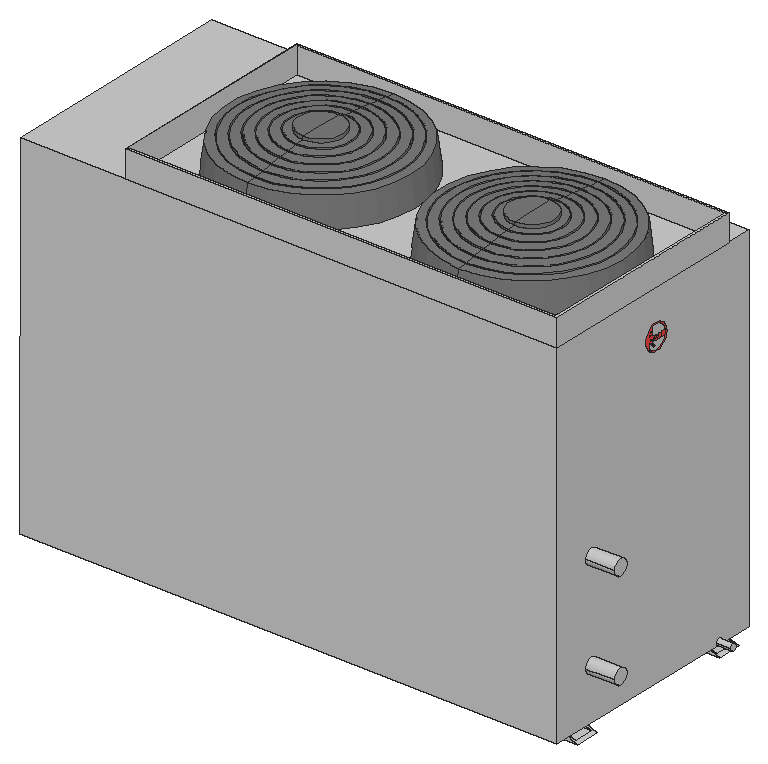
Revit family "Heat Pump-Rheem-A2W-35kW-Vertical A", category Mechanical Equipment, Revit 2016
Family settings
  Part Type = Normal
  Round Connector Dimension = Use Radius
  OmniClass Number = 23.75.10.21
  OmniClass Title = Heat Pumps
  Work Plane-Based = No
  Always vertical = Yes
  Cut with Voids When Loaded = No
  Shared = No
  Room Calculation Point = No
Parameters (values of type "95203500")
  calcFanGuardDepth = 136 mm  # constant formula
  Width_ANZRS = 807 mm  # constant formula
  Wattage_ANZRS = 35 kW  # constant formula
  Voltage_ANZRS = 230 V
  URL = "https://www.rheem.com.au/products/commercial/commercial-heat-pumps"
  Type Comments = ""
  SupportInsetSide = 66 mm  # constant formula
  Show Fan Frame = yes
  ProductCode_ANZRS = "95203500"
  PowerFactor_ANZRS = 1
  PipeInsetSide = 145 mm  # constant formula
  OutletPipeDiameter = 50 mm  # constant formula
  calcOutletPipeRad = if(1 = 1, OutletPipeDiameter / 2, 0 mm)  # 25 mm
  Model = "Rheem Commercial Air to Water Heat Pump – 35kW Vertical Discharge & Ducted"
  Material_ANZRS = Rheem-Steel-Grey
  Manufacturer = "Rheem"  # constant formula
  Length_ANZRS = 1805 mm  # constant formula
  InletPipeDiameter = 50 mm  # constant formula
  calcInletPipeRadius = if(1 = 1, InletPipeDiameter / 2, 0 mm)  # 25 mm
  Height_ANZRS = 1378 mm  # constant formula
  Description = "Rheem's Commercial Air to Water (A2W) Heat Pump is designed with the commercial user in mind. A truly commercial grade heat pump that delivers hot water at 65°C with a system Coefficient of Performance (COP) up to 4.0. Ducted models are designed to be connected to ducting to convey cold discharge air away from the heat pump air inlet if a sufficient supply of heat energy is not available in the installation area."
  CreatedBy_ANZRS = "Design Content"  # constant formula
  CreatedByURL_ANZRS = "https://www.designcontent.com.au/"
  BodyWidth = 807 mm  # constant formula
  Assembly Code = ""
  ApparentLoad_ANZRS = Wattage_ANZRS  # 35 kW
Types (2, lengths in mm): name | Show Fan Frame | ProductCode_ANZRS | Model | Description
  95203500 | yes | "95203500" | "Rheem Commercial Air to Water Heat Pump – 35kW Vertical Discharge & Ducted" | "Rheem's Commercial Air to Water (A2W) Heat Pump is designed with the commercial user in mind. A truly commercial grade heat pump that delivers hot water at 65°C with a system Coefficient of Performance (COP) up to 4.0. Ducted models are designed to be connected to ducting to convey cold discharge air away from the heat pump air inlet if a sufficient supply of heat energy is not available in the installation area."
  95303500 | no | "95303500" | "Rheem Commercial Air to Water Heat Pump – 35kW Vertical Discharge & Non Ducted" | "Rheem's Commercial Air to Water (A2W) Heat Pump is designed with the commercial user in mind. A truly commercial grade heat pump that delivers hot water at 65°C with a system Coefficient of Performance (COP) up to 4.0. Non ducted models are generally designed for outdoor installations. Non ducted models may be installed indoors, without ducting, if a sufficient supply of heat energy is available."
Reference planes
  plane 1 "Center (Front/Back)": y = 0
  plane 2: z = 0
  plane 3 "Center (Left/Right)": x = 0
  plane 4 "Back": y = 403.5
  plane 5 "Front": y = -403.5
  plane 6 "Left": x = -902.5
  plane 7 "Right": x = 902.5
  plane 8: z = 47
  plane 9 "HEIGHT": z = 1242
  plane 10 "Inlet": z = 222.5
  plane 11 "Outlet": z = 551.5
  plane 12: y = 401.5
  plane 13: x = 846.5
  plane 14: x = -787.5
  plane 15: x = 1002.5
  plane 16 "Pipe Connectors": y = -258.5
  plane 17: y = -337.5
  plane 18: y = 337.5
  plane 19 "CompAccess1": y = 227.5
  plane 20 "CompAccess2": y = -330.5
  plane 21: z = 23.5
  plane 22: x = 952.5
  plane 23: z = 1333
  plane 24: x = 922.5
Forms (mm)
  Extrusion 1, solid, material "Rheem-Steel-Grey" <- "Material_ANZRS", detail levels medium+fine
    sketch origin (0, 0, 0) x (1, 0, 0) y (0, 1, 0)
      loop
        line (-902.5, 401.5) -> (-902.5, -403.5) -> (902.5, -403.5) -> (902.5, 401.5) -> (-902.5, 401.5)
    from 47 to 1242
  Extrusion 2, solid, material "Rheem-Steel-Grey" <- "Material_ANZRS", detail levels medium+fine
    sketch origin (0, 0, 0) x (1, 0, 0) y (0, 0, 1)
      loop
        line (-902.5, 1242) -> (-902.5, 47) -> (-14.281, 47) -> (902.5, 47) -> (902.5, 1242) -> (-902.5, 1242)
      loop
        line (-787.5, 67) -> (19.5, 67) -> (19.5, 611) -> (-787.5, 611) -> (-787.5, 67)
      loop
        line (-787.5, 1222) -> (-787.5, 631) -> (19.5, 631) -> (19.5, 1222) -> (-787.5, 1222)
      loop
        line (846.5, 1222) -> (39.5, 1222) -> (39.5, 631) -> (846.5, 631) -> (846.5, 1222)
      loop
        line (39.5, 67) -> (846.5, 67) -> (846.5, 611) -> (39.5, 611) -> (39.5, 67)
    from -403.5 to -401.5
  Extrusion 3, solid, material "Rheem-Steel-Grey" <- "Material_ANZRS"
    sketch origin (0, 111.908, 381.979) x (0, -1, 0) y (0, 0, 1)
      loop
        circle (370.408, -159.479) r 25
      loop
        circle (370.408, 169.521) r 25
    from -902.5 to -1002.5
  Extrusion 4, solid, material "Rheem-Steel-Grey" <- "Material_ANZRS", visible <- "Show Fan Frame"
    sketch origin (0, -1983.5, 1375) x (-1, 0, 0) y (0, -1, 0)
      loop
        line (548.5, -2303) -> (548.5, -1580) -> (-902.5, -1580) -> (-902.5, -2303) -> (548.5, -2303)
      loop
        line (545.5, -2298) -> (545.5, -1585) -> (-897.5, -1585) -> (-897.5, -2298) -> (545.5, -2298)
    from -133 to -42
  Extrusion 5, solid, material "Rheem-Steel-Grey" <- "Material_ANZRS", detail levels medium+fine
    sketch origin (0, 0, 0) x (1, 0, 0) y (0, 0, 1)
      loop
        line (-902.5, 5) -> (-927.5, 5) -> (-927.5, 0) -> (-897.5, 0) -> (-897.5, 18.5) -> (-827.5, 18.5) -> (-827.5, 0) -> (-797.5, 0) -> (-797.5, 5) -> (-822.5, 5) -> (-822.5, 23.5) -> (-902.5, 23.5) -> (-902.5, 5)
    from -337.5 to 337.5
  Extrusion 6, solid, material "Rheem-Steel-Grey-Perforated", detail levels medium+fine
    sketch origin (-575, 357.5, 0) x (1, 0, 0) y (0, 0, -1)
      loop
        line (1421.5, -1222) -> (1421.5, -631) -> (614.5, -631) -> (614.5, -1222) -> (1421.5, -1222)
      loop
        line (1421.5, -67) -> (614.5, -67) -> (614.5, -611) -> (1421.5, -611) -> (1421.5, -67)
      loop
        line (-212.5, -611) -> (594.5, -611) -> (594.5, -67) -> (-212.5, -67) -> (-212.5, -611)
      loop
        line (594.5, -1222) -> (594.5, -631) -> (-212.5, -631) -> (-212.5, -1222) -> (594.5, -1222)
    from 44 to 46
  Extrusion 7, solid, material "Rheem-Steel-Grey" <- "Material_ANZRS"
    sketch origin (902.5, 0, 0) x (0, -1, 0) y (0, 0, -1)
      loop
        circle (-277.5, -57) r 10
    from 0 to 50
  Extrusion 8, solid, detail levels medium+fine
    sketch origin (-902.5, 0, 425) x (0, -1, 0) y (0, 0, 1)
      loop
        circle (367, 725) r 15
      loop
        circle (367.008, 675) r 15
      loop
        circle (367.008, 625) r 15
      loop
        circle (367.008, 575) r 15
    from 0 to 5
  Extrusion 9, solid, material "Rheem-Steel-Grey" <- "Material_ANZRS", detail levels coarse
    sketch origin (0, 0, 1242) x (-1, 0, 0) y (0, -1, 0)
      loop
        line (902.5, -403.5) -> (902.5, 403.5) -> (-902.5, 403.5) -> (-902.5, -403.5) -> (902.5, -403.5)
    from -1242 to 0
  Extrusion 10, solid, material "Rheem-Steel-Grey" <- "Material_ANZRS", detail levels medium+fine
    sketch origin (0, 0, 0) x (0, 1, 0) y (0, 0, 1)
      loop
        line (362.5, 47) -> (332.5, 47) -> (332.5, 28.5) -> (262.481, 28.5) -> (262.481, 47) -> (232.395, 47) -> (232.395, 42) -> (257.395, 42) -> (257.395, 23.5) -> (337.5, 23.5) -> (337.5, 42) -> (362.5, 42) -> (362.5, 47)
      loop
        line (-232.395, 47) -> (-262.395, 47) -> (-262.395, 28.5) -> (-332.414, 28.5) -> (-332.414, 47) -> (-362.5, 47) -> (-362.5, 42) -> (-337.5, 42) -> (-337.5, 23.5) -> (-257.395, 23.5) -> (-257.395, 42) -> (-232.395, 42) -> (-232.395, 47)
    from -902.5 to 922.5
  Extrusion 11, void
    sketch origin (0, 0, 0) x (-1, 0, 0) y (0, 0, -1)
      loop
        line (-922.5, -23.5) -> (-922.5, -47) -> (-859.96, -47) -> (-922.5, -23.5)
    from -362.5 to 362.5
Cuts and joins
  Extrusion 11 cuts Extrusion 1
  Extrusion 11 cuts Extrusion 2
  joined: Extrusion 1, Extrusion 2
  Extrusion 11 cuts Extrusion 9
  Extrusion 11 cuts Extrusion 10
Lines and regions (mm)
  Split face 1
    outline origin (-902.5, 401.5, 1242) x (0, 1, 0) y (0, 0, -1)
      loop
        line (-174, 1) -> (-174, 1194) -> (-732, 1194) -> (-732, 1) -> (-174, 1)
  Split face 2
    outline origin (902.5, 401.5, 47) x (0, 1, 0) y (0, 0, 1)
      loop
        line (-601, 1194) -> (-601, 1) -> (-173, 1) -> (-173, 1194) -> (-601, 1194)
  model lines, style "Heat Pumps", detail levels medium+fine
    curve 1: line (-722.5, -403.5, 1105.005) -> (722.5, -403.5, 1105.005)
    curve 2: line (-802.5, -403.5, 825.005) -> (-802.5, -403.5, 1025.005)
    curve 3: line (722.5, -403.5, 745.005) -> (-722.5, -403.5, 745.005)
    curve 4: line (802.5, -403.5, 1025.005) -> (802.5, -403.5, 825.005)
    curve 5: arc (-722.5, -403.5, 1105.005) -> (-779.069, -403.5, 1081.573) -> (-802.5, -403.5, 1025.005) r 80
    curve 6: arc (-802.5, -403.5, 825.005) -> (-779.069, -403.5, 768.436) -> (-722.5, -403.5, 745.005) r 80
    curve 7: arc (722.5, -403.5, 745.005) -> (779.069, -403.5, 768.436) -> (802.5, -403.5, 825.005) r 80
    curve 8: arc (802.5, -403.5, 1025.005) -> (779.069, -403.5, 1081.573) -> (722.5, -403.5, 1105.005) r 80
    curve 9: line (-722.5, -403.5, 183.995) -> (722.5, -403.5, 183.995)
    curve 10: line (-802.5, -403.5, 463.995) -> (-802.5, -403.5, 263.995)
    curve 11: line (722.5, -403.5, 543.995) -> (-722.5, -403.5, 543.995)
    curve 12: line (802.5, -403.5, 263.995) -> (802.5, -403.5, 463.995)
    curve 13: arc (-722.5, -403.5, 183.995) -> (-779.069, -403.5, 207.427) -> (-802.5, -403.5, 263.995) r 80
    curve 14: arc (-802.5, -403.5, 463.995) -> (-779.069, -403.5, 520.564) -> (-722.5, -403.5, 543.995) r 80
    curve 15: arc (722.5, -403.5, 543.995) -> (779.069, -403.5, 520.564) -> (802.5, -403.5, 463.995) r 80
    curve 16: arc (802.5, -403.5, 263.995) -> (779.069, -403.5, 207.427) -> (722.5, -403.5, 183.995) r 80
Dimensions and locks
  equal spacing: plane 6 "Left", plane 3 "Center (Left/Right)", plane 7 "Right"
  equal spacing: plane 4 "Back", plane 1 "Center (Front/Back)", plane 5 "Front"
  "BodyWidth": plane 4 "Back" to plane 5 "Front"
  "Length_ANZRS": plane 6 "Left" to plane 7 "Right"
  locked: plane 10 "Inlet" to plane 21 at 199
  locked: plane 11 "Outlet" to plane 10 "Inlet" at 329
  locked: plane 4 "Back" to plane 12 at 2
  locked: plane 8 to Extrusion 2 sketch curve at 20
  locked: Extrusion 2 sketch curve to plane 9 "HEIGHT" at 20
  locked: plane 15 to plane 7 "Right" at 100
  locked: Extrusion 4 sketch curve to Extrusion 4 sketch curve at 5  (x2)
  locked: plane 7 "Right" to Extrusion 4 sketch curve at 5
  "PipeInsetSide": plane 5 "Front" to plane 16 "Pipe Connectors"
  Extrusion 5 sketch curve to plane 6 "Left" to Extrusion 5 sketch curve to Extrusion 5 sketch curve to Extrusion 5 sketch curve to Extrusion 5 sketch curve = 25 mm locked, 5 mm locked, 70 mm locked, 5 mm locked, 25 mm locked
  Extrusion 5 sketch curve to Extrusion 5 sketch curve to plane 2 = 0 mm locked, 5 mm locked
  "SupportInsetSide": plane 5 "Front" to plane 17
  "SupportInsetSide": plane 18 to plane 4 "Back"
  locked: plane 9 "HEIGHT" to Split face 1 sketch curve at 1
  locked: Split face 1 sketch curve to plane 8 at 1
  locked: plane 13 to plane 7 "Right" at 56
  locked: plane 6 "Left" to plane 14 at 115
  locked: plane 9 "HEIGHT" to plane 8 at 1195
  equal spacing: plane 8, plane 21, plane 2
  locked: plane 21 to Extrusion 5 sketch curve at 5
  locked: plane 5 "Front" to Split face 2 sketch curve at 204
  Split face 2 sketch curve to plane 4 "Back" = 175 mm
  locked: plane 9 "HEIGHT" to Split face 2 sketch curve at 1
  locked: Split face 2 sketch curve to plane 8 at 1
  locked: Extrusion 7 sketch curve to plane 8 at 10
  equal spacing: plane 15, plane 22, plane 7 "Right"
  equal spacing: plane 20 "CompAccess2", Extrusion 8 sketch curve, plane 5 "Front"
  locked: plane 9 "HEIGHT" to nested 1 at 150
  locked: plane 8 to Extrusion 10 sketch curve at 5  (x2)
  locked: Extrusion 10 sketch curve to plane 21 at 5  (x2)
  Extrusion 10 sketch curve to plane 18 to Extrusion 10 sketch curve to Extrusion 10 sketch curve to Extrusion 10 sketch curve to Extrusion 10 sketch curve = 25 mm locked, 5 mm locked, 70.019 mm locked, 5.086 mm locked, 25 mm locked
  locked: plane 6 "Left" to plane 24 at 1825
  locked: plane 4 "Back" to Extrusion 7 sketch curve at 126
  locked: plane 20 "CompAccess2" to plane 5 "Front" at 73
  locked: plane 19 "CompAccess1" to plane 20 "CompAccess2" at 558
  equal spacing: plane 19 "CompAccess1", nested 1, plane 20 "CompAccess2"
  Extrusion 10 sketch curve to Extrusion 10 sketch curve to Extrusion 10 sketch curve to Extrusion 10 sketch curve to Extrusion 10 sketch curve to Extrusion 10 sketch curve = 25 mm locked, 5 mm locked, 70.019 mm locked, 5.086 mm locked, 25 mm locked
  locked: Extrusion 4 sketch curve to Extrusion 4 sketch curve at 723
  plane 9 "HEIGHT" to nested 2 = 150 mm
  equal spacing: Split face 2, nested 2, Split face 2
  locked: plane 8 to plane 2 at 47
  locked: plane 23 to plane 9 "HEIGHT" at 91
  locked: Extrusion 4 sketch curve to plane 7 "Right" at 1451
  plane 7 "Right" to nested 4 to nested 3 = 358 mm locked, 720 mm locked
  "calcOutletPipeRad": radius of Extrusion 3 sketch curve
  "calcInletPipeRadius": radius of Extrusion 3 sketch curve
  radius of Extrusion 7 sketch curve = 10 mm
  aligned and locked: level to plane 2
  aligned and locked: Extrusion 1 sketch curve to plane 6 "Left"
  aligned and locked: Extrusion 1 sketch curve to plane 7 "Right"
  aligned and locked: plane 9 "HEIGHT" to Extrusion 1
  aligned and locked: Extrusion 1 to plane 8
  aligned and locked: plane 5 "Front" to Extrusion 1
  aligned and locked: Extrusion 1 sketch curve to plane 12
  aligned and locked: cut or joined group of Extrusion 1, Extrusion 2, Extrusion 11 to plane 12
  aligned and locked: plane 4 "Back" to cut or joined group of Extrusion 1, Extrusion 2, Extrusion 11
  aligned and locked: Extrusion 2 sketch curve to plane 13
  aligned and locked: plane 14 to Extrusion 2 sketch curve
  aligned and locked: plane 7 "Right" to Extrusion 4 sketch curve
  aligned and locked: Extrusion 3 to plane 7 "Right"
  aligned and locked: Extrusion 5 sketch curve to plane 6 "Left"
  aligned and locked: plane 2 to Extrusion 5 sketch curve  (x2)
  aligned and locked: Extrusion 5 to plane 17
  aligned and locked: plane 18 to Extrusion 5
  aligned and locked: Split face 1 sketch curve to plane 20 "CompAccess2"
  aligned and locked: Split face 1 sketch curve to plane 19 "CompAccess1"
  aligned and locked: plane 11 "Outlet" to Extrusion 3 sketch curve
  aligned and locked: plane 16 "Pipe Connectors" to Extrusion 3 sketch curve  (x2)
  aligned and locked: plane 10 "Inlet" to Extrusion 3 sketch curve
  aligned and locked: Extrusion 6 to plane 13
  aligned and locked: plane 14 to Extrusion 6
  aligned and locked: Extrusion 6 to plane 12
  aligned and locked: plane 4 "Back" to Extrusion 6
  aligned and locked: cut or joined group of Extrusion 1, Extrusion 2, Extrusion 11 to Extrusion 6
  aligned and locked: Extrusion 5 sketch curve to plane 21
  aligned and locked: Extrusion 7 to cut or joined group of Extrusion 1, Extrusion 2, Extrusion 11
  aligned and locked: plane 22 to Extrusion 7
  aligned and locked: Extrusion 8 to cut or joined group of Extrusion 1, Extrusion 2, Extrusion 11
  aligned and locked: Extrusion 9 sketch curve to plane 4 "Back"
  aligned and locked: Extrusion 9 sketch curve to plane 5 "Front"
  aligned and locked: Extrusion 9 sketch curve to plane 7 "Right"
  aligned and locked: Extrusion 9 sketch curve to plane 6 "Left"
  aligned and locked: Extrusion 9 to plane 2
  aligned and locked: Extrusion 10 sketch curve to plane 21  (x2)
  aligned and locked: plane 6 "Left" to Extrusion 10
  aligned and locked: Extrusion 2 sketch curve to Extrusion 6  (x2)
  aligned and locked: plane 15 to Extrusion 3
  aligned and locked: Extrusion 11 sketch curve to plane 24
  aligned and locked: Extrusion 4 to plane 9 "HEIGHT"
  aligned and locked: plane 23 to Extrusion 4
  aligned and locked: plane 9 "HEIGHT" to cut or joined group of Extrusion 9, Extrusion 11
Automatic sketch dimensions
  plane 5 "Front" to Extrusion 1 sketch curve = 0 mm
  plane 6 "Left" to Extrusion 2 sketch curve = 0 mm
  plane 14 to Extrusion 2 sketch curve = 0 mm
  Extrusion 2 sketch curve to plane 8 = 0 mm
  plane 13 to Extrusion 2 sketch curve = 0 mm
  Extrusion 2 sketch curve to plane 7 "Right" = 0 mm
  Extrusion 2 sketch curve to plane 9 "HEIGHT" = 0 mm
  Extrusion 2 sketch curve to plane 3 "Center (Left/Right)" = 14.281 mm
  plane 3 "Center (Left/Right)" to Extrusion 2 sketch curve = 19.5 mm
  Extrusion 2 sketch curve to Extrusion 2 sketch curve = 20 mm  (x2)
  plane 8 to Extrusion 2 sketch curve = 20 mm
  plane 11 "Outlet" to Extrusion 2 sketch curve = 59.5 mm  (x2)
  Extrusion 2 sketch curve to Extrusion 2 sketch curve = 0 mm
  Extrusion 2 sketch curve to plane 9 "HEIGHT" = 20 mm
  plane 5 "Front" to Extrusion 4 sketch curve = 0 mm
  Extrusion 4 sketch curve to Extrusion 4 sketch curve = 3 mm
  plane 14 to Extrusion 6 sketch curve = 0 mm  (x2)
  plane 13 to Extrusion 6 sketch curve = 0 mm  (x2)
  plane 3 "Center (Left/Right)" to Extrusion 6 sketch curve = 19.5 mm  (x2)
  Extrusion 6 sketch curve to Extrusion 6 sketch curve = 20 mm  (x3)
  Extrusion 6 sketch curve to plane 9 "HEIGHT" = 20 mm  (x2)
  plane 11 "Outlet" to Extrusion 6 sketch curve = 79.5 mm  (x2)
  Extrusion 6 sketch curve to Extrusion 6 sketch curve = 0 mm  (x2)
  plane 8 to Extrusion 6 sketch curve = 20 mm
  Extrusion 8 sketch curve to plane 17 = 29.508 mm  (x3)
  Extrusion 8 sketch curve to plane 9 "HEIGHT" = 242 mm
  Extrusion 8 sketch curve to Extrusion 8 sketch curve = 50 mm  (x3)
  Extrusion 10 sketch curve to plane 8 = 0 mm  (x4)
  Extrusion 10 sketch curve to plane 17 = 0 mm
  Extrusion 10 sketch curve to plane 18 = 0 mm
  Extrusion 10 sketch curve to plane 8 = 5 mm  (x2)
  Extrusion 11 sketch curve to plane 8 = 0 mm
  Extrusion 11 sketch curve to plane 21 = 0 mm
  Extrusion 11 sketch curve to plane 13 = 13.46 mm
  curve 12 to Extrusion 1 = 100 mm
  curve 4 to Extrusion 1 = 100 mm
  curve 12 to curve 11 = 80 mm
  curve 4 to curve 3 = 80 mm
  curve 12 to curve 16 = 80 mm
  curve 4 to curve 1 = 80 mm
  Extrusion 1 to curve 9 = 180 mm
  Extrusion 1 to curve 6 = 180 mm
  Extrusion 1 to curve 5 = 180 mm
  Extrusion 1 to curve 11 = 180 mm
  curve 13 to curve 10 = 80 mm
  curve 5 to curve 2 = 80 mm
  Extrusion 1 to curve 1 = 136.995 mm
  curve 5 to curve 6 = 200 mm
  curve 6 to curve 11 = 201.009 mm
  Extrusion 1 to curve 13 = 216.995 mm
  radius of Extrusion 8 sketch curve = 15 mm  (x4)
Nested families
  nested 1: "X_Rheem Logo" at (-902.5, -51.5, 1092) x (0, -1, 0) z (-1, 0, 0), type "Standard", detail levels fine
  nested 2: "X_Rheem Logo" at (902.5, 14.5, 1092) x (0, 1, 0) z (1, 0, 0), type "Standard", detail levels fine
  nested 3: "X_Rheem_FanGuard" at (-175.5, -47.605, 1242), type "Standard"
    with FanGuardRad 320 mm, FanGuardHead 10 mm, FanGuardDepth 136 mm
  nested 4: "X_Rheem_FanGuard" at (544.5, -58.5, 1242), type "Standard"
    with FanGuardRad 320 mm, FanGuardHead 10 mm, FanGuardDepth 136 mm
Connectors
  piping at (1002.5, -258.5, 222.5), diameter 50, driven by "calcInletPipeRadius"
    settings: on Extrusion 3, index 9, connector inside diameter 20 mm, connector length 0 mm, flow factor 0, pipe flow 0.0 L/s, pressure drop 0.0 Pa, fitting loss kfactor 0, connector angle 0.00°, fixture units 0, engagement length 0 mm, angle of deflection 0.00°, flow configuration 1, flow direction 1, fitting loss method 0, system type 20, joint type 0, gender type 0, connector reference index -1, connector utility 0, adjustable connector no, is connector primary yes, connector description "Water In"
  piping at (1002.5, -258.5, 222.5), diameter 50, driven by "calcOutletPipeRad"
    settings: on Extrusion 3, index 10, connector inside diameter 20 mm, connector length 0 mm, flow factor 0, pipe flow 0.0 L/s, pressure drop 0.0 Pa, fitting loss kfactor 0, connector angle 0.00°, fixture units 0, engagement length 0 mm, angle of deflection 0.00°, flow configuration 1, flow direction 1, fitting loss method 0, system type 20, joint type 0, gender type 0, connector reference index -1, connector utility 0, adjustable connector no, is connector primary no, connector description "Water In"
  piping at (952.5, 277.5, 57), diameter 20
    settings: on Extrusion 7, index 11, connector inside diameter 609.6 mm, connector length 0 mm, flow factor 0, pipe flow 0.0 L/s, pressure drop 0.0 Pa, fitting loss kfactor 0, connector angle 0.00°, fixture units 0, engagement length 0 mm, angle of deflection 0.00°, flow configuration 1, flow direction 2, fitting loss method 0, system type 16, joint type 0, gender type 0, connector reference index -1, connector utility 0, adjustable connector no, is connector primary no, connector description ""
  electrical at (-902.5, -367, 1150), driven by "Voltage_ANZRS", driven by "ApparentLoad_ANZRS", driven by "PowerFactor_ANZRS"
    settings: on Extrusion 8, index 12, voltage 230 V, apparent load 35 kW, apparent load phase1 0 kW, apparent load phase2 0 kW, apparent load phase3 0 kW, power factor 1, load classification "Power", number of poles 1, system type 30, power factor state 1, is connector primary yes, connector utility no, sub classification motor no, connector description ""
  electrical at (-902.5, -367.008, 1100), driven by "Voltage_ANZRS", driven by "ApparentLoad_ANZRS", driven by "PowerFactor_ANZRS"
    settings: on Extrusion 8, index 13, voltage 230 V, apparent load 35 kW, apparent load phase1 0 kW, apparent load phase2 0 kW, apparent load phase3 0 kW, power factor 1, load classification "Power", number of poles 1, system type 30, power factor state 1, is connector primary no, connector utility no, sub classification motor no, connector description ""
  electrical at (-902.5, -367.008, 1050), driven by "Voltage_ANZRS", driven by "ApparentLoad_ANZRS", driven by "PowerFactor_ANZRS"
    settings: on Extrusion 8, index 14, voltage 230 V, apparent load 35 kW, apparent load phase1 0 kW, apparent load phase2 0 kW, apparent load phase3 0 kW, power factor 1, load classification "Power", number of poles 1, system type 30, power factor state 1, is connector primary no, connector utility no, sub classification motor no, connector description ""
  electrical at (-902.5, -367.008, 1000), driven by "Voltage_ANZRS", driven by "ApparentLoad_ANZRS", driven by "PowerFactor_ANZRS"
    settings: on Extrusion 8, index 15, voltage 230 V, apparent load 35 kW, apparent load phase1 0 kW, apparent load phase2 0 kW, apparent load phase3 0 kW, power factor 1, load classification "Power", number of poles 1, system type 30, power factor state 1, is connector primary no, connector utility no, sub classification motor no, connector description ""
  piping at (1002.5, -258.5, 551.5), diameter 50, driven by "calcInletPipeRadius"
    settings: on Extrusion 3, index 16, connector inside diameter 609.6 mm, connector length 0 mm, flow factor 0, pipe flow 0.0 L/s, pressure drop 0.0 Pa, fitting loss kfactor 0, connector angle 0.00°, fixture units 0, engagement length 0 mm, angle of deflection 0.00°, flow configuration 1, flow direction 2, fitting loss method 0, system type 19, joint type 0, gender type 0, connector reference index -1, connector utility 0, adjustable connector no, is connector primary no, connector description "Water Out"
Definition of nested family "X_Rheem Logo"
  Parameters (values of type "Standard")
    Default Elevation = 1219.2 mm
    Assembly Code = ""
  Reference planes
    plane 1 "Center (Front/Back)": y = 0
    plane 2: z = 0
    plane 3 "Center (Left/Right)": x = 0
  Forms (mm)
    Extrusion 1, solid
      sketch origin (0, 0, 0) x (1, 0, 0) y (0, 1, 0)
        loop
          line (-1219.2, 1219.2) -> (-1219.2, -1219.2) -> (1219.2, -1219.2) -> (1219.2, 1219.2) -> (-1219.2, 1219.2)
      from 0 to -304.8
    Extrusion 2, solid
      sketch origin (0, 0, 0) x (1, 0, 0) y (0, 1, 0)
        loop
          arc (-33.529, -21.813) -> (38.36, -11.338) -> (-16.283, 36.536) r 40
          line (-16.283, 36.536) -> (-16.283, 5.397)
          arc (-16.283, 5.397) -> (-14.75, 6.901) -> (-12.662, 7.405) r 4.033
          arc (-12.662, 7.405) -> (-9.852, 6.403) -> (-8.561, 3.712) r 3.918
          line (-8.561, 3.712) -> (-8.561, -8.033) -> (-11.525, -8.033) -> (-11.525, 1.806)
          arc (-11.525, 1.806) -> (-12.858, 4.057) -> (-15.428, 3.572) r 2.279
          arc (-15.428, 3.572) -> (-15.988, 2.759) -> (-16.246, 1.806) r 2.925
          line (-16.246, 1.806) -> (-16.246, -8.079) -> (-19.645, -8.079) -> (-19.645, 34.843)
          arc (-19.645, 34.843) -> (-26.644, 29.834) -> (-32.41, 23.444) r 40
          arc (-32.41, 23.444) -> (-21.103, 13.87) -> (-28.782, 1.2) r 11.411
          line (-28.782, 1.2) -> (-7.321, -24.919) -> (-11.462, -24.919) -> (-31.83, -0.131) -> (-31.83, -21.813) -> (-33.529, -21.813)
        loop
          line (-35.017, -19.335) -> (-35.017, 19.335)
          arc (-35.017, 19.335) -> (-40, 0) -> (-35.017, -19.335) r 40
        loop
          line (19.37, -8.097) -> (22.563, -8.097) -> (22.563, 2.258)
          spline (22.563, 2.258) -> (22.878, 3.103) -> (23.24, 3.526) -> (23.639, 3.818) -> (24.082, 3.997) -> (24.556, 4.074) -> (25.034, 4.068) -> (25.491, 3.983) -> (25.903, 3.817) -> (26.238, 3.56) -> (26.492, 3.191) -> (26.717, 2.639) -> (26.9, 1.6)
          line (26.9, 1.6) -> (26.9, -8.097) -> (29.854, -8.097) -> (29.854, 2.258)
          spline (29.854, 2.258) -> (30.181, 3.064) -> (30.553, 3.474) -> (30.969, 3.74) -> (31.419, 3.936) -> (31.889, 4.059) -> (32.364, 4.078) -> (32.821, 3.995) -> (33.233, 3.826) -> (33.568, 3.567) -> (33.822, 3.195) -> (34.048, 2.639) -> (34.231, 1.594)
          line (34.231, 1.594) -> (34.231, -8.097) -> (37.174, -8.097) -> (37.174, 3.718)
          spline (37.174, 3.718) -> (36.65, 5.383) -> (35.957, 6.159) -> (35.415, 6.563) -> (34.941, 6.826) -> (34.394, 7.032) -> (33.695, 7.17) -> (32.91, 7.2) -> (32.152, 7.119) -> (31.53, 6.952) -> (31.006, 6.67) -> (30.429, 6.179) -> (29.566, 5.166)
          spline (29.566, 5.166) -> (28.777, 6.078) -> (28.276, 6.494) -> (27.782, 6.788) -> (27.231, 7.014) -> (26.621, 7.177) -> (26.085, 7.261) -> (25.622, 7.26) -> (25.015, 7.185) -> (24.376, 7.012) -> (23.849, 6.722) -> (23.308, 6.304) -> (22.552, 5.275)
          line (22.552, 5.275) -> (22.552, 6.926) -> (19.37, 6.926) -> (19.37, -8.097)
        loop
          line (-4.051, 1.414) -> (2.029, 1.414)
          spline (2.029, 1.414) -> (1.473, 2.786) -> (1.087, 3.377) -> (0.673, 3.834) -> (0.205, 4.224) -> (-0.271, 4.485) -> (-0.868, 4.588) -> (-1.527, 4.548) -> (-2.06, 4.356) -> (-2.438, 4.033) -> (-2.865, 3.608) -> (-3.384, 2.906) -> (-4.051, 1.414)
        loop
          line (-4.095, -1.507) -> (5.029, -1.507)
          spline (5.029, -1.507) -> (4.769, 1.886) -> (4.1, 3.692) -> (3.083, 5.302) -> (1.664, 6.502) -> (-0.127, 7.316) -> (-1.72, 7.317) -> (-3.497, 6.614) -> (-4.898, 5.44) -> (-6.016, 3.817) -> (-6.693, 1.944) -> (-6.954, 0.058) -> (-6.657, -3.194)
          spline (-6.657, -3.194) -> (-5.711, -5.424) -> (-4.777, -6.63) -> (-3.808, -7.465) -> (-2.878, -7.994) -> (-1.873, -8.306) -> (-0.773, -8.411) -> (0.288, -8.278) -> (1.264, -7.907) -> (2.23, -7.346) -> (3.148, -6.594) -> (4.02, -5.578) -> (4.876, -3.596)
          line (4.876, -3.596) -> (1.705, -3.596)
          spline (1.705, -3.596) -> (0.883, -4.78) -> (0.307, -5.189) -> (-0.248, -5.429) -> (-0.802, -5.54) -> (-1.305, -5.525) -> (-1.909, -5.294) -> (-2.514, -4.923) -> (-2.921, -4.547) -> (-3.253, -4.098) -> (-3.591, -3.486) -> (-3.885, -2.641) -> (-4.095, -1.507)
        loop
          line (8.984, 1.152) -> (15.064, 1.152)
          spline (15.064, 1.152) -> (14.509, 2.524) -> (14.123, 3.116) -> (13.708, 3.573) -> (13.241, 3.962) -> (12.764, 4.224) -> (12.168, 4.327) -> (11.508, 4.287) -> (10.975, 4.095) -> (10.598, 3.771) -> (10.171, 3.347) -> (9.652, 2.645) -> (8.984, 1.152)
        loop
          line (8.973, -1.54) -> (18.097, -1.54)
          spline (18.097, -1.54) -> (17.837, 1.853) -> (17.168, 3.659) -> (16.151, 5.269) -> (14.732, 6.469) -> (12.941, 7.283) -> (11.348, 7.285) -> (9.571, 6.581) -> (8.17, 5.407) -> (7.052, 3.785) -> (6.375, 1.911) -> (6.114, 0.026) -> (6.412, -3.226)
          spline (6.412, -3.226) -> (7.357, -5.456) -> (8.291, -6.663) -> (9.26, -7.498) -> (10.191, -8.027) -> (11.195, -8.339) -> (12.295, -8.444) -> (13.356, -8.311) -> (14.332, -7.939) -> (15.298, -7.379) -> (16.217, -6.626) -> (17.088, -5.61) -> (17.944, -3.629)
          line (17.944, -3.629) -> (14.773, -3.629)
          spline (14.773, -3.629) -> (13.951, -4.813) -> (13.375, -5.222) -> (12.82, -5.462) -> (12.266, -5.573) -> (11.763, -5.557) -> (11.159, -5.326) -> (10.555, -4.955) -> (10.147, -4.58) -> (9.816, -4.131) -> (9.477, -3.519) -> (9.183, -2.673) -> (8.973, -1.54)
        loop
          circle (0, 0) r 43
        loop
          arc (-31.817, 3.841) -> (-24.154, 12.033) -> (-31.817, 20.226) r 8.211
          line (-31.817, 20.226) -> (-31.817, 3.841)
      from 0 to 1
  Dimensions and locks
    aligned and locked: plane 2 to Extrusion 1
    aligned and locked: level to Extrusion 1
Definition of nested family "X_Rheem_FanGuard"
  Parameters (values of type "Standard")
    Material = none
    FanGuardRad = 240 mm
    FanGuardHead = 8 mm
    FanGuardDepth = 116 mm
    Default Elevation = 1219.2 mm
  Reference planes
    plane 1 "Center (Front/Back)": y = 0
    plane 2: z = 0
    plane 3 "Center (Left/Right)": x = 0
    plane 4: z = 116
    plane 5: z = 108
    plane 6: y = 240
    plane 7: z = 58
    plane 8: z = 83
  Forms (mm)
    Extrusion 1, solid
      sketch origin (0, 0, 0) x (1, 0, 0) y (0, 1, 0)
        loop
          line (-1219.2, 1219.2) -> (-1219.2, -1219.2) -> (1219.2, -1219.2) -> (1219.2, 1219.2) -> (-1219.2, 1219.2)
      from 0 to -304.8
    Revolve 2, solid, material <- "Material", detail levels fine
      sketch origin (0, 0, 0) x (0, 1, 0) y (0, 0, 1)
        loop
          line (0, 116) -> (0, 0) -> (240, 0) -> (227.216, 83) -> (75, 108) -> (75, 116) -> (0, 116)
        axis (0, 116) -> (0, 0)
      angle from 0 to 360
    Extrusion 3, void
      sketch origin (0, 0, 0) x (1, 0, 0) y (0, 1, 0)
        loop
          circle (0, 0) r 100
        loop
          circle (0, 0) r 105
        loop
          circle (0, 0) r 135
        loop
          circle (0, 0) r 140
        loop
          circle (0, 0) r 170
        loop
          circle (0, 0) r 175
        loop
          circle (0, 0) r 205
        loop
          circle (0, 0) r 210
        loop
          circle (0, 0) r 240
        loop
          circle (0, 0) r 245
        loop
          circle (0, 0) r 275
        loop
          circle (0, 0) r 280
      from 0 to 116
    Extrusion 4, solid, material <- "Material", detail levels coarse+medium
      sketch origin (0, 0, 0) x (1, 0, 0) y (0, 1, 0)
        loop
          circle (0, 0) r 240
      from 0 to 116
  Cuts and joins
    Extrusion 3 cuts Revolve 2
  Dimensions and locks
    "FanGuardRad": plane 6 to plane 1 "Center (Front/Back)"
    "FanGuardDepth": plane 4 to plane 2
    "FanGuardHead": plane 4 to plane 5
    equal spacing: plane 4, plane 7, plane 2
    equal spacing: plane 5, plane 8, plane 7
    locked: plane 6 to Revolve 2 sketch curve at 12.784
    "FanGuardRad": radius of Extrusion 4 sketch curve
    aligned and locked: plane 2 to Extrusion 1
    aligned and locked: level to Extrusion 1
    aligned and locked: Revolve 2 sketch curve to plane 1 "Center (Front/Back)"
    aligned and locked: plane 4 to Extrusion 3
    aligned and locked: Extrusion 3 to level
    aligned and locked: plane 3 "Center (Left/Right)" to Extrusion 4 sketch curve
    aligned and locked: plane 1 "Center (Front/Back)" to Extrusion 4 sketch curve
    aligned and locked: Extrusion 4 to plane 4
    aligned and locked: Extrusion 4 to level
    aligned and locked: plane 8 to Revolve 2 sketch curve
  Automatic sketch dimensions
    Extrusion 1 sketch curve to Extrusion 1 sketch curve = 2438.4 mm  (x2)
    plane 1 "Center (Front/Back)" to Extrusion 3 sketch curve = 0 mm
    Extrusion 3 sketch curve to plane 3 "Center (Left/Right)" = 0 mm
    Revolve 2 sketch curve to plane 1 "Center (Front/Back)" = 0 mm
    Revolve 2 sketch curve to plane 4 = 0 mm
    Revolve 2 sketch curve to plane 5 = 0 mm
    Revolve 2 sketch curve to level = 0 mm
    Revolve 2 sketch curve to plane 6 = 0 mm
    Revolve 2 sketch curve to Revolve 2 sketch curve = 75 mm
    Revolve 2 sketch curve to Revolve 2 sketch curve = 500 mm
    Revolve 2 sketch curve to Revolve 2 sketch curve = 100 mm
    radius of Extrusion 3 sketch curve = 100 mm
